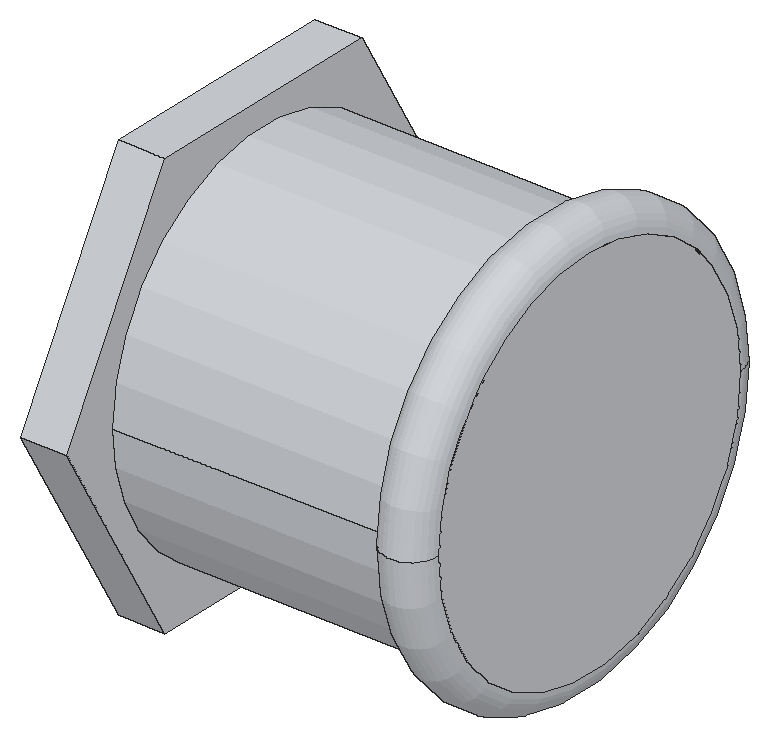
Revit family "cb5a436902a74d0eb09b2ef3469cc93d", category Conduit Fittings, Revit 2021
Family settings
  Round Connector Dimension = Use Radius
  Part Type = Multi Port
  OmniClass Number = 23.80.30.17.11
  OmniClass Title = Conduits
  Work Plane-Based = No
  Always vertical = Yes
  Cut with Voids When Loaded = No
  Shared = No
Parameters (values of type "Standard")
  Thread Length [instance] = 0.2 * Length  # 0.23125"
  Nut Thickness [instance] = 0.1 * Length  # 0.11563"
  Nominal Radius [instance] = 1/4"
  Nominal Diameter [instance] = Nominal Radius * 2  # 1/2"
  Length 5 [instance] = Fitting Outside Diameter / 14  # 0.06696"
  Length 4 [instance] = Length 2 * cos(30.00°)  # 0.52773"
  Length 3 [instance] = Length 2 * sin(30.00°)  # 39/128"
  Length 2 [instance] = 1.3 * Fitting Outside Radius  # 39/64"
  Length 1 [instance] = Length - Thread Length  # 0.925"
  Fitting Outside Radius [instance] = Fitting Outside Diameter / 2  # 15/32"
  Fitting Outside Diameter [instance] = size_lookup(Conduit Size Lookup, "FOD", 1.22 * Nominal Diameter + 1/4", Nominal Diameter)  # 15/16"
  Length [instance] = size_lookup(Conduit Size Lookup, "Lgt", 0.76 * Nominal Diameter + 241/256", Nominal Diameter)  # 1 5/32"
  Default Elevation = 0' - 0"
  Conduit Size Lookup = "Conduit Connector - Compression - Steel"
Reference planes (in)
  plane 1 "Center (Front/Back)": y = 0
  plane 2: z = 0
  plane 3 "Center (Left/Right)": x = 0
  plane 4: x = 0.11563
  plane 5: y = 0.60937
  plane 6: y = -0.60938
  plane 7: y = 0.30469
  plane 8: y = -0.30469
  plane 9: z = 0.52773
  plane 10: z = -0.52773
  plane 11: x = 0.925
  plane 12: x = 0.79107
  plane 13: x = 0.85804
  plane 14: y = 0.46875
Forms (in)
  Extrusion 1, solid, detail levels fine
    sketch origin (0, 0, 0) x (0, 1, 0) y (0, 0, 1)
      loop
        line (0.30469, 0.52773) -> (-0.30469, 0.52773) -> (-0.60938, 0) -> (-0.30469, -0.52773) -> (0.30469, -0.52773) -> (0.60937, 0) -> (0.30469, 0.52773)
    from 0 to 0.11563
  Sweep 2, solid, detail levels fine
    path in 3D
      loop
        line (0.11563, 0, 0) -> (0.925, 0, 0)
    profile origin (0.52031, 0, 0) x (0, 1, 0) y (0, 0, 1)
      loop
        circle (0, 0) r 0.46875
  Extrusion 3, solid, detail levels fine
    sketch origin (0, 0, 0) x (0, 1, 0) y (0, 0, 1)
      loop
        circle (0, 0) r 0.0625
    from 0 to 0.925
  Revolve 4, solid, detail levels fine
    sketch origin (0, 0, 0) x (1, 0, 0) y (0, 1, 0)
      loop
        circle (0.85804, 0.46875) r 0.06696
      axis (0.79107, 0) -> (0.925, 0)
    angle from 0 to 360
Cuts and joins
  joined: Extrusion 1, Sweep 2, Extrusion 3, Revolve 4
Lines and regions (in)
  model lines, detail levels coarse+medium
    curve 1: line (0.11563, 0, 0) -> (0.925, 0, 0)
    curve 3: line (0, 0, 0) -> (0.11563, 0, 0)
  sketch lines
    curve 2: line (0.11563, 0, 0) -> (0.925, 0, 0)
Dimensions and locks (in)
  "Nut Thickness": plane 3 "Center (Left/Right)" to plane 4
  "Length 2": plane 5 to plane 1 "Center (Front/Back)"
  equal spacing: plane 5, plane 1 "Center (Front/Back)", plane 6
  "Length 3": plane 7 to plane 1 "Center (Front/Back)"
  equal spacing: plane 7, plane 1 "Center (Front/Back)", plane 8
  "Length 4": plane 9 to plane 2
  equal spacing: plane 9, plane 2, plane 10
  "Length 4": Extrusion 1 sketch curve to plane 2
  "Length 4": plane 1 "Center (Front/Back)" to Extrusion 1 sketch curve
  "Length 4": Extrusion 1 sketch curve to plane 1 "Center (Front/Back)"
  "Length 1": plane 3 "Center (Left/Right)" to plane 11
  equal spacing: plane 12, plane 13, plane 11
  "Length 5": plane 13 to plane 11
  "Fitting Outside Radius": plane 14 to plane 1 "Center (Front/Back)"
  "Fitting Outside Radius": radius of Sweep 2 sketch curve
  radius of Extrusion 3 sketch curve = 0' - 0 1/16"
  "Length 5": radius of Revolve 4 sketch curve
  aligned and locked: plane 7 to Extrusion 1 sketch curve
  aligned and locked: Extrusion 1 sketch curve to plane 9
  aligned and locked: plane 8 to Extrusion 1 sketch curve  (x2)
  aligned and locked: plane 10 to Extrusion 1 sketch curve  (x2)
  aligned and locked: plane 2 to Extrusion 1 sketch curve
  aligned and locked: plane 6 to Extrusion 1 sketch curve
  aligned and locked: plane 5 to Extrusion 1 sketch curve
  aligned and locked: Extrusion 1 to plane 3 "Center (Left/Right)"
  aligned and locked: plane 4 to Extrusion 1
  aligned and locked: plane 11 to curve 1
  aligned and locked: plane 1 "Center (Front/Back)" to curve 1
  aligned and locked: plane 1 "Center (Front/Back)" to Sweep 2 sketch curve
  aligned and locked: plane 2 to Sweep 2 sketch curve
  aligned and locked: plane 3 "Center (Left/Right)" to curve 3
  aligned and locked: plane 4 to curve 3
  aligned and locked: plane 1 "Center (Front/Back)" to curve 3
  aligned and locked: plane 1 "Center (Front/Back)" to Extrusion 3 sketch curve
  aligned and locked: plane 2 to Extrusion 3 sketch curve
  aligned and locked: Extrusion 3 to plane 3 "Center (Left/Right)"
  aligned and locked: plane 11 to Extrusion 3
  aligned and locked: plane 13 to Revolve 4 sketch curve
  aligned and locked: Revolve 4 sketch curve to curve 1
Automatic sketch dimensions
  Revolve 4 sketch curve to plane 14 = 0' - 0"
  Revolve 4 sketch curve to plane 4 = 0' - 0"
  Revolve 4 sketch curve to plane 11 = 0' - 0"
Connectors (in)
  cabletrayconduit at (0, 0, 0), diameter 0.5, driven by "Nominal Radius"
    settings: on Extrusion 3, index 1, connector width 1' - 0", connector height 1' - 0", connector angle 0.00°, system type 32, placement type 0, profile type 0, connector reference index 2, is primary connector yes, connector utility param no, connector description ""
  cabletrayconduit at (0.925, 0, 0), diameter 0.5, driven by "Nominal Radius"
    settings: on cut or joined group of Extrusion 1, Sweep 2, Extrusion 3, Revolve 4, index 2, connector width 1' - 0", connector height 1' - 0", connector angle 0.00°, system type 32, placement type 0, profile type 0, connector reference index 1, is primary connector no, connector utility param no, connector description ""
